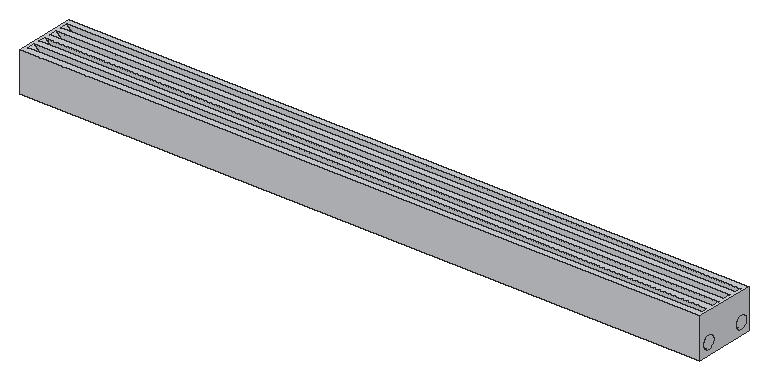
Revit family "SL05", category Mechanical Equipment, Revit 2017
Family settings
  Round Connector Dimension = Use Diameter
  Part Type = Normal
  OmniClass Number = 23.75.00.00
  OmniClass Title = Climate Control (HVAC)
  Work Plane-Based = No
  Always vertical = Yes
  Cut with Voids When Loaded = No
  Shared = No
  Room Calculation Point = No
Parameters
  Width = 107 mm
  Length = 1200 mm
  Height = 200 mm
Reference planes
  plane 1 "Center (Front/Back)": y = 0
  plane 2: z = 0
  plane 3 "Center (Left/Right)": x = 0
  plane 4: x = 0
  plane 5: x = -600
  plane 6: x = 600
  plane 7: x = -595
  plane 8: x = -580
  plane 9: x = 595
  plane 10: x = 580
  plane 11: x = 597
  plane 12: x = -597
  plane 13: z = 270
  plane 14: z = 255
  plane 15: z = 215
  plane 16: z = 200
  plane 17: y = -3
  plane 18: y = -107
  plane 19: y = -104
  plane 20: y = -89
  plane 21: y = -18
  plane 22: x = -530
  plane 23: x = 530
  plane 24: x = -533
  plane 25: x = 533
  plane 26 "Center": y = -53.5
Forms (mm)
  Extrusion 1, solid
    sketch origin (0, 0, 0) x (1, 0, 0) y (0, 0, 1)
      loop
        line (-600, 270) -> (-600, 200) -> (-595, 200) -> (-580, 215) -> (-580, 255) -> (-595, 270) -> (-600, 270)
      loop
        line (600, 270) -> (595, 270) -> (580, 255) -> (580, 215) -> (595, 200) -> (600, 200) -> (600, 270)
    from 0 to 107
  Extrusion 2, solid
    sketch origin (0, 0, 0) x (1, 0, 0) y (0, 1, 0)
      loop
        line (-595, 0) -> (-595, -11) -> (595, -11) -> (595, 0) -> (-595, 0)
    from 200 to 270
  Extrusion 3, solid
    sketch origin (0, -24, 0) x (1, 0, 0) y (0, 1, 0)
      loop
        line (-595, 0) -> (-595, -11) -> (595, -11) -> (595, 0) -> (-595, 0)
    from 200 to 270
  Extrusion 4, solid
    sketch origin (0, -48, 0) x (1, 0, 0) y (0, 1, 0)
      loop
        line (-595, 0) -> (-595, -11) -> (595, -11) -> (595, 0) -> (-595, 0)
    from 200 to 270
  Extrusion 5, solid
    sketch origin (0, -72, 0) x (1, 0, 0) y (0, 1, 0)
      loop
        line (-595, 0) -> (-595, -11) -> (595, -11) -> (595, 0) -> (-595, 0)
    from 200 to 270
  Extrusion 6, solid
    sketch origin (0, -96, 0) x (1, 0, 0) y (0, 1, 0)
      loop
        line (-595, 0) -> (-595, -11) -> (595, -11) -> (595, 0) -> (-595, 0)
    from 200 to 270
  Extrusion 7, solid
    sketch origin (0, 0, 0) x (0, 1, 0) y (0, 0, 1)
      loop
        circle (-17.5, 222) r 10.5
      loop
        circle (-89.5, 222) r 10.5
    from -600 to -602
  Extrusion 8, solid
    sketch origin (0, 0, 0) x (0, 1, 0) y (0, 0, -1)
      loop
        circle (-17.5, -222) r 10.5
      loop
        circle (-89.5, -222) r 10.5
    from -600 to -602
Cuts and joins
  joined: Extrusion 1, Extrusion 2, Extrusion 3, Extrusion 4, Extrusion 5, Extrusion 6
Dimensions and locks
  equal spacing: plane 5, plane 4, plane 6
  "Length": plane 5 to plane 6
  locked: plane 7 to plane 8 at 15
  locked: plane 5 to plane 7 at 5
  locked: plane 9 to plane 10 at 15
  locked: plane 6 to plane 9 at 5
  locked: plane 11 to plane 6 at 3
  locked: plane 5 to plane 12 at 3
  "Height": plane 16 to level
  locked: plane 13 to plane 14 at 15
  locked: plane 13 to plane 16 at 70
  locked: plane 15 to plane 16 at 15
  "Width": plane 18 to plane 1 "Center (Front/Back)"
  locked: plane 23 to plane 6 at 70
  locked: plane 17 to plane 1 "Center (Front/Back)" at 3
  locked: plane 19 to plane 18 at 3
  locked: plane 21 to plane 1 "Center (Front/Back)" at 18
  locked: plane 20 to plane 18 at 18
  locked: plane 24 to plane 22 at 3
  locked: plane 23 to plane 25 at 3
  Extrusion 2 sketch curve to Extrusion 2 sketch curve = 11 mm
  Extrusion 3 sketch curve to Extrusion 3 sketch curve = 11 mm
  Extrusion 4 sketch curve to Extrusion 4 sketch curve = 11 mm
  Extrusion 5 sketch curve to Extrusion 5 sketch curve = 11 mm
  Extrusion 6 sketch curve to Extrusion 6 sketch curve = 11 mm
  locked: plane 5 to plane 22 at 70
  equal spacing: plane 18, plane 26 "Center", plane 1 "Center (Front/Back)"
  locked: Extrusion 2 to Extrusion 2 at 11
  locked: Extrusion 3 to Extrusion 2 at 13
  plane 21 to Extrusion 3 to Extrusion 3 = 6 mm locked, 11 mm locked
  locked: Extrusion 4 to Extrusion 3 at 13
  locked: Extrusion 4 to Extrusion 4 at 11
  locked: Extrusion 5 to Extrusion 4 at 13
  locked: Extrusion 5 to Extrusion 5 at 11
  locked: Extrusion 6 to Extrusion 5 at 13
  locked: Extrusion 6 to Extrusion 6 at 11
  locked: plane 1 "Center (Front/Back)" to Extrusion 7 sketch curve at 17.5
  Extrusion 7 sketch curve to plane 16 = 22 mm
  locked: Extrusion 7 sketch curve to plane 18 at 17.5
  locked: Extrusion 7 sketch curve to plane 16 at 22
  locked: plane 5 to Extrusion 7 at 2
  locked: plane 6 to Extrusion 8 at 2
  aligned and locked: level to plane 2
  aligned and locked: plane 5 to Extrusion 1 sketch curve
  aligned and locked: Extrusion 1 sketch curve to plane 8
  aligned and locked: plane 16 to Extrusion 1 sketch curve
  aligned and locked: Extrusion 1 sketch curve to plane 13
  aligned and locked: Extrusion 1 sketch curve to plane 6
  aligned and locked: plane 13 to Extrusion 1 sketch curve
  aligned and locked: plane 10 to Extrusion 1 sketch curve
  aligned and locked: Extrusion 1 sketch curve to plane 16
  aligned and locked: plane 13 to Extrusion 2
  aligned and locked: Extrusion 2 to plane 16
  aligned and locked: Extrusion 6 to plane 9
  aligned and locked: Extrusion 5 to plane 9
  aligned and locked: Extrusion 4 to plane 9
  aligned and locked: Extrusion 3 to plane 9
  aligned and locked: Extrusion 2 to plane 9
  aligned and locked: plane 13 to Extrusion 6
  aligned and locked: plane 13 to Extrusion 5
  aligned and locked: plane 13 to Extrusion 4
  aligned and locked: plane 13 to Extrusion 3
  aligned and locked: Extrusion 6 to plane 16
  aligned and locked: Extrusion 5 to plane 16
  aligned and locked: Extrusion 4 to plane 16
  aligned and locked: Extrusion 3 to plane 16
  aligned and locked: Extrusion 1 to plane 18
  aligned and locked: plane 6 to Extrusion 8
  aligned and locked: plane 5 to Extrusion 7
Automatic sketch dimensions
  Extrusion 1 sketch curve to plane 7 = 0 mm  (x2)
  plane 9 to Extrusion 1 sketch curve = 0 mm  (x2)
  Extrusion 1 sketch curve to plane 15 = 0 mm  (x2)
  Extrusion 1 sketch curve to plane 14 = 0 mm  (x2)
  plane 1 "Center (Front/Back)" to Extrusion 2 sketch curve = 0 mm
  Extrusion 2 sketch curve to plane 7 = 0 mm
  Extrusion 2 sketch curve to plane 9 = 0 mm
  Extrusion 3 sketch curve to plane 7 = 0 mm
  Extrusion 3 sketch curve to plane 9 = 0 mm
  Extrusion 3 sketch curve to plane 21 = 17 mm
  Extrusion 4 sketch curve to plane 7 = 0 mm
  Extrusion 4 sketch curve to plane 9 = 0 mm
  Extrusion 4 sketch curve to plane 21 = 41 mm
  Extrusion 5 sketch curve to plane 7 = 0 mm
  Extrusion 5 sketch curve to plane 9 = 0 mm
  Extrusion 5 sketch curve to plane 21 = 65 mm
  Extrusion 6 sketch curve to plane 7 = 0 mm
  Extrusion 6 sketch curve to plane 9 = 0 mm
  Extrusion 6 sketch curve to plane 26 "Center" = 53.5 mm
  Extrusion 8 sketch curve to plane 20 = 0.5 mm
  plane 21 to Extrusion 8 sketch curve = 0.5 mm
  Extrusion 8 sketch curve to plane 15 = 7 mm  (x2)
  radius of Extrusion 7 sketch curve = 10.5 mm  (x2)
  radius of Extrusion 8 sketch curve = 10.5 mm  (x2)
